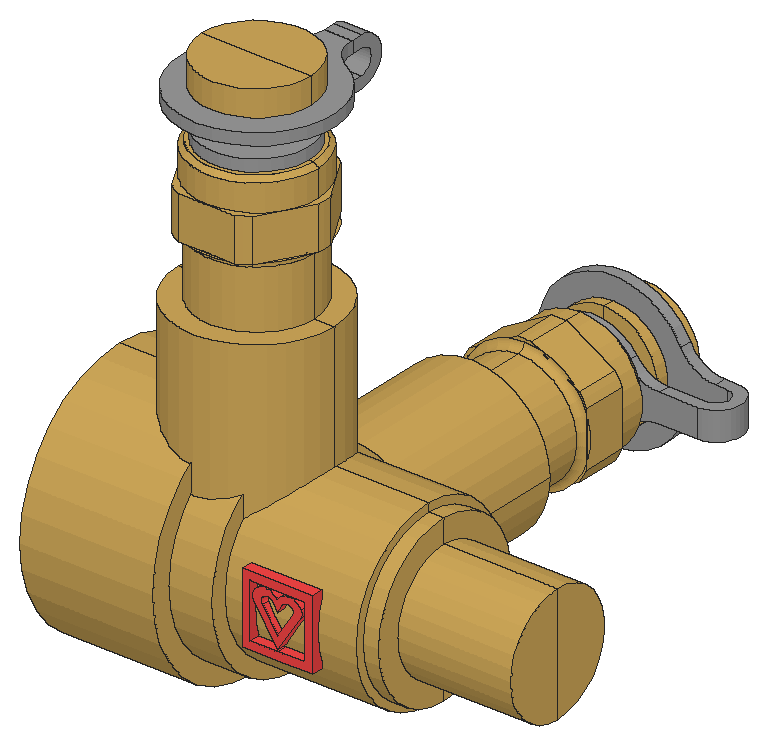
Revit family "Messblende 4000_LF_MF", category Rohrzubehör, Revit 2021
Family settings
  Bemaßung runder Anschluss = Durchmesser verwenden
  Teiletyp = Unterbricht
  OmniClass-Nummer = 23.65.55.14
  OmniClass-Titel = Valves for Liquid Services
  Arbeitsebenenbasiert = Nein
  Immer vertikal = Ja
  Beim Laden mit Abzugskörper schneiden = Nein
  Gemeinsam genutzt = Nein
Parameters (values of type "LF")
  kvs-Wert [instance] = if(and(LF, Nennweite = 15.00 mm), 0.55, if(and(MF, Nennweite = 15.00 mm), 1.1, 0))  # 0.55
  Vorgabe-Ansicht = 0.00 mm
  Verwendung = "HERZ-Messblenden werden in die Strangleitungen von Warmwasser- Zentralheizungsanlagen sowie Kühlanlagen eingebaut und ermöglichen den hydraulischen Abgleich der Strangleitungen untereinander.\r\nDer Einsatz der Messblenden ist im Vorlauf als auch im Rücklauf möglich.\r\nSie werden entweder eng gekoppelt an ein HERZ- Strangregulierventil installiert, um ein komplettes Set zu bilden oder in Verbindung mit einer HERZ Absperrarmatur eingesetzt.\r\nDie Einregulierung des Stranges wird durch Einstellen des Strangregulierventiles während der Druckverlustmessung an der Messblende vorgenommen."
  URL = "www.herz-armaturen.at"
  SCRNSEQ = "AWI;AWI_TYP=\"1001\";02"
  SCRNCODE = "02;01;02"  # constant formula
  S03 = 10.00 mm  # constant formula
  S02 [instance] = S01 - 10.00 mm  # 17.50 mm
  S01 [instance] = H01  # 27.50 mm
  R01 [instance] = 10.00 mm  # constant formula
  Nennweite [instance] = 15.00 mm  # constant formula
  Min. Betriebstemperatur = -20 °C  # constant formula
  Messventile = "Messing, CW602N"  # constant formula
  Medium = "Heizungswasserqualität nach ÖNORM H 5195 oder VDI-Richtline 2035.\r\nDie Verwendung von Ethylen- oder Propylenglykol in einem Mischungsverhältnis 25 - 50 Vol.-% ist zulässig."
  Max. Betriebstemperatur (bis DN32) = 130 °C  # constant formula
  Max. Betriebstemperatur (ab DN40) = 110 °C  # constant formula
  Max. Betriebsdruck = 2000000.0 Pa  # constant formula
  MF = no
  LO01 [instance] = 30.00 mm  # constant formula
  LF = yes
  L05 [instance] = 23.00 mm  # constant formula
  L04 [instance] = 16.50 mm  # constant formula
  L03 [instance] = 22.60 mm  # constant formula
  L02 [instance] = 17.00 mm  # constant formula
  L01 [instance] = 17.50 mm  # constant formula
  L00 [instance] = 56.00 mm  # constant formula
  IG [instance] = Nennweite / 2  # 7.50 mm
  Hersteller = "HERZ Armaturen Ges.m.b.H."  # constant formula
  H01 [instance] = 27.50 mm  # constant formula
  Gehäuse = "Messing, CC770S"  # constant formula
  GT1 [instance] = 14.50 mm  # constant formula
  GT [instance] = 13.00 mm  # constant formula
  D04 [instance] = D03 - 1.00 mm  # 10.50 mm
  D03 [instance] = 11.50 mm  # constant formula
  D02 [instance] = 13.50 mm  # constant formula
  D01 [instance] = 16.00 mm  # constant formula
  Bestellnummer [instance] = if(and(LF, Nennweite = 15.00 mm), 1400011, if(and(MF, Nennweite = 15.00 mm), 1400021, 0))  # 1400011
  Ausführung = "Die Messblende aus entzinkungsbeständigem Messing besitzt zwei Messventile. Gemäß EN 10226 hat der Eingang ein Innengewinde Rp und der Ausgang ein Außengewinde R."
  AG [instance] = Nennweite / 2  # 7.50 mm
Types (3, lengths in mm): name | kvs-Wert | MF | LF | Bestellnummer
  (no name) | 0.55 | no | yes | 1400011
  LF | 0.55 | no | yes | 1400011
  MF | 1.1 | yes | no | 1400021
Reference planes
  plane 1 "Mitte (Vorne/hinten)": y = 0
  plane 2: z = 0
  plane 3 "Mitte (Links/rechts)": x = 0
Forms (mm)
  Revolve 1, solid, material "Messing, weicher Gelbton, geschweißt", detail levels fine
    sketch origin (0, 0, 0) x (1, 0, 0) y (0, 0, 1)
      loop
        line (-4.5, 0) -> (38.5, 0) -> (38.5, 7.5) -> (24, 7.5) -> (24, 10.5) -> (22, 10.5) -> (22, 11.5) -> (5.1, 11.5) -> (5.1, 13.5) -> (-0.5, 13.5) -> (-0.5, 16) -> (-17.5, 16) -> (-17.5, 7.5) -> (-4.5, 7.5) -> (-4.5, 0)
      axis (-17.5, 0) -> (38.5, 0)
    angle from 0 to 360
  Revolve 2, solid, material "Messing, weicher Gelbton, geschweißt", detail levels fine
    sketch origin (0, 0, 0) x (1, 0, 0) y (0, 0, 1)
      loop
        line (-10, 7.5) -> (0, 7.5) -> (0, 27.5) -> (-10, 27.5) -> (-10, 7.5)
      axis (0, 27.5) -> (0, 7.5)
    angle from 0 to 360
  Revolve 3, solid, material "Messing, weicher Gelbton, geschweißt", detail levels fine
    sketch origin (0, 0, 0) x (1, 0, 0) y (0, 1, 0)
      loop
        line (5.5, 7.5) -> (15.5, 7.5) -> (15.5, 27.5) -> (5.5, 27.5) -> (5.5, 7.5)
      axis (5.5, 27.5) -> (5.5, 7.5)
    angle from 0 to 360
Lines and regions (mm)
  model lines, detail levels coarse+medium
    curve 1: line (-17.5, 0, 0) -> (0.5, 0, 0)
    curve 2: line (10.5, 0, -27.5) -> (10.5, 0, 27.5)
    curve 3: line (20.5, 0, 17.5) -> (20.5, 0, -17.5)
    curve 4: line (20.5, 0, 0) -> (38.5, 0, 0)
    curve 5: line (0.5, 0, 17.5) -> (0.5, 0, -17.5)
    curve 6: line (-17.5, 0, 0) -> (0.5, 0, 0)
    curve 7: line (10.5, 27.5, 0) -> (10.5, -27.5, 0)
    curve 8: line (0.5, 17.5, 0) -> (0.5, -17.5, 0)
    curve 9: line (20.5, 17.5, 0) -> (20.5, -17.5, 0)
    curve 10: line (20.5, 0, 0) -> (38.5, 0, 0)
Dimensions and locks
  "L00": Revolve 1 sketch curve to Revolve 1 sketch curve
  "GT": Revolve 1 sketch curve to Revolve 1 sketch curve
  "L01": plane 3 "Mitte (Links/rechts)" to Revolve 1 sketch curve
  "GT1": Revolve 1 sketch curve to Revolve 1 sketch curve
  "L02": Revolve 1 sketch curve to Revolve 1 sketch curve
  "L03": Revolve 1 sketch curve to Revolve 1 sketch curve
  "L04": Revolve 1 sketch curve to Revolve 1 sketch curve
  "AG": Revolve 1 sketch curve to plane 2
  "IG": Revolve 1 sketch curve to plane 2
  "D01": Revolve 1 sketch curve to plane 2
  "D02": Revolve 1 sketch curve to plane 2
  "D03": Revolve 1 sketch curve to plane 2
  "D04": Revolve 1 sketch curve to plane 2
  "D03": nested 1 to plane 1 "Mitte (Vorne/hinten)"
  "LO01": Revolve 1 to nested 1
  "IG": Revolve 2 sketch curve to plane 2
  "H01": Revolve 2 sketch curve to plane 2
  "R01": plane 3 "Mitte (Links/rechts)" to Revolve 2 sketch curve
  "H01": nested 2 to plane 2
  "IG": plane 1 "Mitte (Vorne/hinten)" to Revolve 3 sketch curve
  "H01": plane 1 "Mitte (Vorne/hinten)" to Revolve 3 sketch curve
  "R01": Revolve 3 sketch curve to Revolve 3 sketch curve
  "L05": Revolve 1 to Revolve 3 sketch curve  (x2)
  "H01": plane 1 "Mitte (Vorne/hinten)" to nested 3
  "L05": Revolve 1 to nested 3
  "L01": Revolve 1 to nested 2
  "S01": curve 2 to curve 4 to curve 2
  "L00": curve 1 to curve 4
  "S02": curve 3 to curve 4 to curve 3
  "S03": curve 2 to curve 3
  "S03": curve 2 to curve 5
  equal spacing: curve 4, curve 2, curve 1
  "S02": curve 5 to curve 1 to curve 5
  "L01": plane 3 "Mitte (Links/rechts)" to curve 1
  "L00": curve 6 to curve 10
  equal spacing: curve 6, curve 7, curve 10
  "S03": curve 8 to curve 7 to curve 9
  "S02": curve 9 to curve 10 to curve 9
  "S02": curve 8 to curve 6 to curve 8
  "S01": curve 7 to curve 10 to curve 7
  "L01": curve 6 to plane 3 "Mitte (Links/rechts)"
  aligned and locked: level to plane 2
Automatic sketch dimensions
  curve 4 to level = 0.00 mm
  curve 1 to level = 0.00 mm
  plane 1 "Mitte (Vorne/hinten)" to curve 10 = 0.00 mm
  plane 1 "Mitte (Vorne/hinten)" to curve 6 = 0.00 mm
  Revolve 1 sketch curve to level = 0.00 mm  (x2)
  Revolve 1 sketch curve to Revolve 1 sketch curve = 1489.03 mm
  Revolve 1 sketch curve to Revolve 1 sketch curve = 1800.648 mm
  Revolve 2 sketch curve to plane 3 "Mitte (Links/rechts)" = 0.00 mm  (x2)
  Revolve 2 sketch curve to level = 366.045 mm
  Revolve 2 sketch curve to Revolve 2 sketch curve = 2186.815 mm
  Revolve 3 sketch curve to Revolve 3 sketch curve = 0.00 mm  (x2)
Nested families
  nested 1: "Herz-Logo-vorne" at (12.5, -11.5, 0) x (0, 1, 0) z (0, 0, 1), type "Herz-Logo-vorne", detail levels fine
  nested 2: "Messstutzen_Band_Eintritt_senkrecht_(oben)" at (0, 0, 18.5), type "Messstutzen_Band_Eintritt_senkrecht_(oben)", detail levels fine
    with Schutzkappe yes, Nennweite 0.00 mm, Gewicht 0.00 kg, Bestellnummer 0
  nested 3: "Messstutzen_Band_Austritt_waagrecht" at (5.5, 18.5, 0) x (0, -1, 0) z (0, 0, 1), type "Messstutzen_Band_Austritt_waagrecht", detail levels fine
    with Schutzkappe yes, Nennweite 0.00 mm, Gewicht 0.00 kg, Bestellnummer 0
Connectors
  piping at (-4.5, 0, 0), diameter 15, driven by "Nennweite"
    settings: on Revolve 1, index 1, connector inside diameter 609.6 mm, connector length 0.00 mm, flow factor 0, pipe flow 0.0 L/s, pressure drop 0.0 Pa, fitting loss kfactor 0, connector angle 0.00°, fixture units 0, engagement length 0.00 mm, angle of deflection 0.00°, flow configuration 0, flow direction 1, fitting loss method 0, system type 29, joint type 0, gender type 0, connector reference index -1, connector utility 0, adjustable connector no, is connector primary yes, connector description ""
  piping at (38.5, 0, 0), diameter 15, driven by "Nennweite"
    settings: on Revolve 1, index 2, connector inside diameter 609.6 mm, connector length 0.00 mm, flow factor 0, pipe flow 0.0 L/s, pressure drop 0.0 Pa, fitting loss kfactor 0, connector angle 0.00°, fixture units 0, engagement length 0.00 mm, angle of deflection 0.00°, flow configuration 0, flow direction 2, fitting loss method 0, system type 29, joint type 0, gender type 0, connector reference index -1, connector utility 0, adjustable connector no, is connector primary no, connector description ""
Definition of nested family "Herz-Logo-vorne"
  Parameters (values of type "Herz-Logo-vorne")
    Default Elevation = 0.00 mm
  Reference planes
    plane 1 "Mitte (Vorne/hinten)": y = 0
    plane 2: z = 0
    plane 3 "Mitte (Links/rechts)": x = 0
  Forms (mm)
    Extrusion 1, solid
      sketch origin (0.732, -0.018, 0.017) x (0, -1, 0) y (0, 0, 1)
        loop
          line (-0.018, -4.517) -> (4.482, -4.517) -> (4.482, 4.483) -> (-4.518, 4.483) -> (-4.518, -4.517) -> (-0.018, -4.517)
        loop
          line (-0.05, -3.48) -> (3.482, -3.48) -> (3.482, 3.483) -> (-3.518, 3.483) -> (-3.518, -3.48) -> (-0.05, -3.48)
        loop
          arc (-0.018, 2.383) -> (-1.543, 3.287) -> (-3.067, 2.383) r 1.738
          arc (-3.067, 2.383) -> (-3.191, 1.899) -> (-3.067, 1.415) r 1.009
          line (-3.067, 1.415) -> (-0.018, -3.281) -> (3.032, 1.415)
          arc (3.032, 1.415) -> (3.156, 1.899) -> (3.032, 2.383) r 1.009
          arc (3.032, 2.383) -> (1.507, 3.287) -> (-0.018, 2.383) r 1.738
        loop
          arc (1.885, 1.272) -> (2.005, 1.675) -> (1.885, 2.079) r 0.74
          arc (1.885, 2.079) -> (1.265, 2.416) -> (0.644, 2.079) r 0.74
          line (0.644, 2.079) -> (-0.018, 0.97) -> (-0.679, 2.079)
          arc (-0.679, 2.079) -> (-1.3, 2.416) -> (-1.921, 2.079) r 0.74
          arc (-1.921, 2.079) -> (-2.04, 1.675) -> (-1.921, 1.272) r 0.74
          line (-1.921, 1.272) -> (-0.018, -1.658) -> (1.885, 1.272)
      from 0 to 1.5
  Dimensions and locks
    aligned and locked: level to plane 2
Definition of nested family "Messstutzen_Band_Eintritt_senkrecht_(oben)"
  Parameters (values of type "Messstutzen_Band_Eintritt_senkrecht_(oben)")
    Default Elevation = 0.00 mm
    URL = "www.herz-armaturen.at"
    Schutzkappe [instance] = yes
    Nennweite [instance] = 0.00 mm
    Manufacturer = "Herz Armaturen GmbH"  # constant formula
    Gewicht [instance] = 0.00 kg
    Bestellnummer [instance] = 0
  Reference planes
    plane 1 "Mitte (Vorne/hinten)": y = 0
    plane 2: z = 0
    plane 3 "Mitte (Links/rechts)": x = 0
    plane 4 "Schlaufe 1": z = -27
    plane 5 "Schlaufe 2": z = -31.678
  Forms (mm)
    Revolve 1, solid, detail levels fine
      sketch origin (0, 0, 0) x (1, 0, 0) y (0, 0, 1)
        loop
          line (-7.4, 9) -> (-5.55, 9) -> (-5.55, 6)
          arc (-5.55, 6) -> (-5.626, 5.617) -> (-5.843, 5.293) r 1
          line (-5.843, 5.293) -> (-6.455, 4.681) -> (-6.455, 0.9) -> (-5.555, 0) -> (-2, 0) -> (-2, 17.5) -> (-8.4, 17.5)
          arc (-8.4, 17.5) -> (-7.693, 17.207) -> (-7.4, 16.5) r 1
          line (-7.4, 16.5) -> (-7.4, 9)
        loop
          line (-3.7, 27) -> (-7.3, 27) -> (-7.9, 26.4) -> (-7.9, 23) -> (-2, 23) -> (-2, 35.8) -> (-3.805, 35.8) -> (-4.415, 35.19) -> (-4.415, 30.863) -> (-3.7, 30.45) -> (-3.7, 27)
        axis (0, 0) -> (0, 35.8)
      angle from 0 to 360
    Extrusion 2, solid, detail levels fine
      sketch origin (0, 0, 17.5) x (0, 1, 0) y (-1, 0, 0)
        loop
          arc (-7.07, 5.156) -> (-7.578, 4.375) -> (-8, 3.544) r 8.75
          line (-8, 3.544) -> (-8, -3.544)
          arc (-8, -3.544) -> (-7.578, -4.375) -> (-7.07, -5.156) r 8.75
          line (-7.07, -5.156) -> (-0.93, -8.7)
          arc (-0.93, -8.7) -> (0, -8.75) -> (0.93, -8.7) r 8.75
          line (0.93, -8.7) -> (7.07, -5.156)
          arc (7.07, -5.156) -> (7.578, -4.375) -> (8, -3.544) r 8.75
          line (8, -3.544) -> (8, 3.544)
          arc (8, 3.544) -> (7.578, 4.375) -> (7.07, 5.156) r 8.75
          line (7.07, 5.156) -> (0.93, 8.7)
          arc (0.93, 8.7) -> (0, 8.75) -> (-0.93, 8.7) r 8.75
          line (-0.93, 8.7) -> (-7.07, 5.156)
      from 0 to 5.5
    Revolve 3, solid, visible <- "Schutzkappe", detail levels fine
      sketch origin (0, 0, 0) x (1, 0, 0) y (0, 0, 1)
        loop
          line (0, 35.878) -> (0, 36.678) -> (-7, 36.678) -> (-7, 33.378) -> (-6.1, 33.378) -> (-6.1, 31.678) -> (-6.9, 31.678) -> (-6.9, 30.178) -> (-4.415, 30.178) -> (-4.415, 35.268) -> (-3.805, 35.878) -> (0, 35.878)
        axis (0, 30.178) -> (0, 36.678)
      angle from 0 to 360
    Extrusion 4, solid, detail levels fine
      sketch origin (0, 0, 28.5) x (1, 0, 0) y (0, 1, 0)
        loop
          circle (0, 0) r 3.7
        loop
          arc (-3.906, 5.505) -> (0, -6.75) -> (3.906, 5.505) r 6.75
          arc (3.906, 5.505) -> (2.358, 7.288) -> (1.8, 9.582) r 5
          line (1.8, 9.582) -> (-1.8, 9.582)
          arc (-1.8, 9.582) -> (-2.358, 7.288) -> (-3.906, 5.505) r 5
      from 0 to -1.5
    Extrusion 5, solid, detail levels fine
      sketch origin (0, 0, 33.178) x (1, 0, 0) y (0, 1, 0)
        loop
          circle (0, 0) r 6.1
        loop
          arc (-4.495, 8.652) -> (0, -9.75) -> (4.495, 8.652) r 9.75
          arc (4.495, 8.652) -> (2.527, 10.493) -> (1.8, 13.089) r 5
          line (1.8, 13.089) -> (-1.8, 13.089)
          arc (-1.8, 13.089) -> (-2.527, 10.493) -> (-4.495, 8.652) r 5
      from 0 to -1.5
    Sweep 6, solid, detail levels fine
      path origin (0, 0, 0) x (0, 0, -1) y (0, -1, 0)
        loop
          line (-27.75, -9.582) -> (-27.75, -14.522)
          arc (-27.75, -14.522) -> (-30.089, -16.862) -> (-32.428, -14.522) r 2.339
          line (-32.428, -14.522) -> (-32.428, -13.089)
      profile origin (0, 12.052, 27.75) x (0, 0, 1) y (1, 0, 0)
        loop
          line (-0.75, -1.8) -> (0.75, -1.8) -> (0.75, 1.8) -> (-0.75, 1.8) -> (-0.75, -1.8)
  Dimensions and locks
    aligned and locked: level to plane 2
Definition of nested family "Messstutzen_Band_Austritt_waagrecht"
  Parameters (values of type "Messstutzen_Band_Austritt_waagrecht")
    Default Elevation = 0.00 mm
    URL = "www.herz-armaturen.at"
    Schutzkappe [instance] = yes
    Nennweite [instance] = 0.00 mm
    Manufacturer = "Herz Armaturen GmbH"  # constant formula
    Gewicht [instance] = 0.00 kg
    Bestellnummer [instance] = 0
  Reference planes
    plane 1 "Mitte (Vorne/hinten)": y = 0
    plane 2: z = 0
    plane 3 "Mitte (Links/rechts)": x = 0
  Forms (mm)
    Revolve 1, solid, detail levels fine
      sketch origin (0, 0, 0) x (0, 0, -1) y (1, 0, 0)
        loop
          line (-7.4, -9) -> (-7.4, -16.5)
          arc (-7.4, -16.5) -> (-7.693, -17.207) -> (-8.4, -17.5) r 1
          line (-8.4, -17.5) -> (-2, -17.5) -> (-2, 0) -> (-5.555, 0) -> (-6.455, -0.9) -> (-6.455, -4.681) -> (-5.843, -5.293)
          arc (-5.843, -5.293) -> (-5.626, -5.617) -> (-5.55, -6) r 1
          line (-5.55, -6) -> (-5.55, -9) -> (-7.4, -9)
        loop
          line (-3.7, -27) -> (-3.7, -30.45) -> (-4.415, -30.863) -> (-4.415, -35.19) -> (-3.805, -35.8) -> (-2, -35.8) -> (-2, -23) -> (-7.9, -23) -> (-7.9, -26.4) -> (-7.3, -27) -> (-3.7, -27)
        axis (0, 0) -> (0, -35.8)
      angle from 0 to 360
    Extrusion 2, solid, detail levels fine
      sketch origin (-17.5, 0, 0) x (0, 0, 1) y (0, 1, 0)
        loop
          line (5.156, -7.07) -> (8.7, -0.93)
          arc (8.7, -0.93) -> (8.75, 0) -> (8.7, 0.93) r 8.75
          line (8.7, 0.93) -> (5.156, 7.07)
          arc (5.156, 7.07) -> (4.375, 7.578) -> (3.544, 8) r 8.75
          line (3.544, 8) -> (-3.544, 8)
          arc (-3.544, 8) -> (-4.375, 7.578) -> (-5.156, 7.07) r 8.75
          line (-5.156, 7.07) -> (-8.7, 0.93)
          arc (-8.7, 0.93) -> (-8.75, 0) -> (-8.7, -0.93) r 8.75
          line (-8.7, -0.93) -> (-5.156, -7.07)
          arc (-5.156, -7.07) -> (-4.375, -7.578) -> (-3.544, -8) r 8.75
          line (-3.544, -8) -> (3.544, -8)
          arc (3.544, -8) -> (4.375, -7.578) -> (5.156, -7.07) r 8.75
      from 0 to 5.5
    Revolve 3, solid, visible <- "Schutzkappe", detail levels fine
      sketch origin (0, 0, 0) x (0, 0, -1) y (1, 0, 0)
        loop
          line (0, -35.878) -> (-3.805, -35.878) -> (-4.415, -35.268) -> (-4.415, -30.178) -> (-6.9, -30.178) -> (-6.9, -31.678) -> (-6.1, -31.678) -> (-6.1, -33.378) -> (-7, -33.378) -> (-7, -36.678) -> (0, -36.678) -> (0, -35.878)
        axis (0, -30.178) -> (0, -36.678)
      angle from 0 to 360
    Extrusion 4, solid, detail levels fine
      sketch origin (-27, 0, 0) x (0, 1, 0) y (0, 0, 1)
        loop
          circle (0, 0) r 3.7
        loop
          arc (5.505, 3.906) -> (-6.75, 0) -> (5.505, -3.906) r 6.75
          arc (5.505, -3.906) -> (7.288, -2.358) -> (9.582, -1.8) r 5
          line (9.582, -1.8) -> (9.582, 1.8)
          arc (9.582, 1.8) -> (7.288, 2.358) -> (5.505, 3.906) r 5
      from 0 to -1.5
    Extrusion 5, solid, detail levels fine
      sketch origin (-31.678, 0, 0) x (0, 1, 0) y (0, 0, 1)
        loop
          circle (0, 0) r 6.1
        loop
          arc (8.652, 4.495) -> (-9.75, 0) -> (8.652, -4.495) r 9.75
          arc (8.652, -4.495) -> (10.493, -2.527) -> (13.089, -1.8) r 5
          line (13.089, -1.8) -> (13.089, 1.8)
          arc (13.089, 1.8) -> (10.493, 2.527) -> (8.652, 4.495) r 5
      from 0 to -1.5
    Sweep 6, solid, detail levels fine
      path origin (0, 0, 0) x (0, -1, 0) y (1, 0, 0)
        loop
          line (-9.582, -27.75) -> (-14.522, -27.75)
          arc (-14.522, -27.75) -> (-16.862, -30.089) -> (-14.522, -32.428) r 2.339
          line (-14.522, -32.428) -> (-13.089, -32.428)
      profile origin (-27.75, 12.052, 0) x (-1, 0, 0) y (0, 0, 1)
        loop
          line (-0.75, 1.8) -> (-0.75, -1.8) -> (0.75, -1.8) -> (0.75, 1.8) -> (-0.75, 1.8)
  Cuts and joins
    joined: Extrusion 4, Extrusion 5, Sweep 6
  Dimensions and locks
    aligned and locked: level to plane 2
